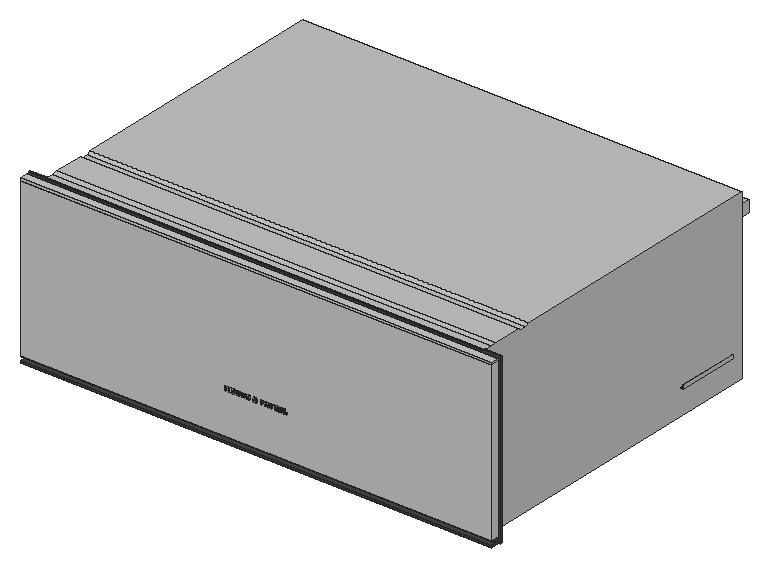
Revit family "FP_Revit_18_VB30SDEX1_Vacuum_Drawer_9000xxxxA", category Specialty Equipment, Revit 2018
Family settings
  Round Connector Dimension = Use Diameter
  Part Type = Normal
  OmniClass Number = 23.40.40.14.17.31
  OmniClass Title = Small Specialized Cooking Equipment
  Work Plane-Based = No
  Always vertical = Yes
  Cut with Voids When Loaded = Yes
  Shared = No
  Room Calculation Point = No
Parameters (values of type "VB30SDEX1")
  Visibility - Clearance Required = yes
  URL = "www.fisherpaykel.com"
  Product - Width = 761 mm  # constant formula
  Product - Height = 271 mm  # constant formula
  Product - Depth = 572 mm  # constant formula
  Model = "VB30SDEX1"
  Material - Trim = Fisher & Paykel - Black
  Material - Structure = Fisher & Paykel - Black
  Material - Front = Fisher & Paykel - Stainless Steel
  Material - Body = Fisher & Paykel - Grey
  Manufacturer = "Fisher & Paykel Appliances"
  FFL Offset [instance] = 587 mm
  Description = "30\" Vacuum Drawer"
  Connector Description - Electrical = "110 V, 60Hz, 10 A"
  Chassis - Width = 720 mm  # constant formula
  Chassis - Height = 271 mm  # constant formula
  Chassis - Depth = 552 mm  # constant formula
  Cavity - Width = 724 mm  # constant formula
  Cavity - Height = 273 mm  # constant formula
  Cavity - Depth = 560 mm  # constant formula
Reference planes
  plane 1 "Datum (Front/Back)": y = 0
  plane 2: z = 0
  plane 3 "Center (Left/Right)": x = 0
  plane 4 "Product Height": z = 858
  plane 5 "Product LHS": x = -380.5
  plane 6 "Product RHS": x = 380.5
  plane 7 "Cavity LHS": x = -382
  plane 8 "Cavity RHS": x = 382
  plane 9 "Cavity - Depth": y = 560
  plane 10 "Product Depth": y = 552
  plane 11 "Door - Front": y = -20
  plane 12 "Cavity - Height": z = 860
  plane 13 "FFL Offset": z = 587
Forms (mm)
  Extrusion 1, solid, material "Fisher & Paykel - Grey" <- "Material - Body"
    sketch origin (0, 0, 0) x (0, 1, 0) y (0, 0, 1)
      loop
        line (0, 587) -> (518, 587) -> (518, 858) -> (87.767, 858) -> (83, 854) -> (73, 854) -> (68.233, 858) -> (21, 858) -> (12.8, 856.5) -> (0, 856.5) -> (0, 587)
    from -354 to 354
  Extrusion 2, solid, material "Fisher & Paykel - Grey" <- "Material - Body", detail levels medium+fine
    sketch origin (0, 0, 0) x (0, 1, 0) y (0, 0, 1)
      loop
        line (518, 826) -> (518, 807) -> (552, 807) -> (552, 826) -> (518, 826)
    from 310.5 to 337.5
  Extrusion 3, solid, material "Fisher & Paykel - Grey" <- "Material - Body", detail levels medium+fine
    sketch origin (0, 0, 0) x (0, 1, 0) y (0, 0, 1)
      loop
        circle (541.5, 816.5) r 8.163
    from 277.5 to 310.5
  Extrusion 4, solid, material "Fisher & Paykel - Black" <- "Material - Structure"
    sketch origin (0, 0, 0) x (0, 1, 0) y (0, 0, 1)
      loop
        line (-2, 595.6) -> (-2, 846.7) -> (-6.6, 846.7) -> (-6.6, 595.6) -> (-2, 595.6)
    from -342 to 342
  Extrusion 5, solid, material "Fisher & Paykel - Stainless Steel" <- "Material - Front"
    sketch origin (0, 0, 0) x (0, 1, 0) y (0, 0, 1)
      loop
        line (-6.6, 853) -> (-20, 853) -> (-20, 598.6) -> (-6.6, 598.6) -> (-6.6, 853)
    from -380.5 to 380.5
  Extrusion 6, solid, material "Fisher & Paykel - Black" <- "Material - Trim", detail levels medium+fine
    sketch origin (0, 0, 0) x (0, 1, 0) y (0, 0, 1)
      loop
        line (-11.142, 595.6) -> (-11.142, 592) -> (-20, 592) -> (-20, 589) -> (-6.6, 589) -> (-6.6, 598.6) -> (-18.633, 598.6) -> (-16.108, 595.6) -> (-11.142, 595.6)
    from -380.5 to 380.5
  Extrusion 7, solid, material "Fisher & Paykel - Stainless Steel" <- "Material - Front", detail levels fine
    sketch origin (0, 0, 0) x (0, 1, 0) y (0, 0, 1)
      loop
        line (-6.6, 856) -> (-20, 856) -> (-20, 853) -> (-6.6, 853) -> (-6.6, 856)
    from -380.5 to 380.5
  Extrusion 8, solid, material "Fisher & Paykel - Clearance Required", visible <- "Visibility - Clearance Required", detail levels coarse
    sketch origin (0, 0, 0) x (0, 1, 0) y (0, 0, 1)
      loop
        line (0, 860) -> (0, 587) -> (560, 587) -> (560, 860) -> (0, 860)
    from -362 to 362
  Extrusion 9, solid, material "Fisher & Paykel - Grey" <- "Material - Body", detail levels medium+fine
    sketch origin (0, 0, 0) x (1, 0, 0) y (0, 0, 1)
      loop
        circle (-121.5, 791) r 21.977
    from -537 to -518
  Extrusion 10, solid, material "Fisher & Paykel - Grey" <- "Material - Body", detail levels medium+fine
    sketch origin (0, 0, 1000) x (1, 0, 0) y (0, 0, 1)
      loop
        line (360, -364.5) -> (359, -364.5) -> (359, -369.5) -> (354, -369.5) -> (354, -370.5) -> (360, -370.5) -> (360, -364.5)
      loop
        line (-360, -364.5) -> (-360, -370.5) -> (-354, -370.5) -> (-354, -369.5) -> (-359, -369.5) -> (-359, -364.5) -> (-360, -364.5)
    from -493 to -393
  Extrusion 11, solid, material "Fisher & Paykel - Black" <- "Material - Structure"
    sketch origin (0, 0, 0) x (1, 0, 0) y (0, 0, 1)
      loop
        line (-380.5, 858) -> (-380.5, 587) -> (380.5, 587) -> (380.5, 858) -> (354, 858) -> (354, 856.5) -> (-354, 856.5) -> (-354, 858) -> (-380.5, 858)
    from 0 to 2
  Extrusion 12, solid, material "Fisher & Paykel - Clearance Required", visible <- "Visibility - Clearance Required", detail levels coarse
    sketch origin (0, 0, 0) x (0, 1, 0) y (0, 0, 1)
      loop
        line (0, 587) -> (0, 860) -> (-439, 860) -> (-439, 587) -> (0, 587)
    from -382 to 382
  Extrusion 13, void
    sketch origin (0, 0, 0) x (0, 1, 0) y (0, 0, 1)
      loop
        line (0, 860) -> (0, 587) -> (560, 587) -> (560, 860) -> (0, 860)
    from -362 to 362
  Extrusion 14, void
    sketch origin (0, 0, 0) x (0, 1, 0) y (0, 0, 1)
      loop
        line (0, 587) -> (0, 860) -> (-20, 860) -> (-20, 587) -> (0, 587)
    from -382 to 382
Text (mm)
  text "Due to ongoing product development, product details are subject to change without notice. \nPlease always refer to www.fisherpaykel.com for the most current product information. \n© Fisher & Paykel 2020" at (41.04, -568.295, 0), in view "Ref. Level (Plan)"
Dimensions and locks
  equal spacing: plane 5 "Product LHS", plane 3 "Center (Left/Right)", plane 6 "Product RHS"
  equal spacing: plane 7 "Cavity LHS", plane 3 "Center (Left/Right)", plane 8 "Cavity RHS"
  equal spacing: Extrusion 1, plane 3 "Center (Left/Right)", Extrusion 1
  "Product - Width": plane 5 "Product LHS" to plane 6 "Product RHS"
  "Chassis - Depth": plane 1 "Datum (Front/Back)" to plane 10 "Product Depth"
  "Product - Depth": plane 10 "Product Depth" to plane 11 "Door - Front"
  locked: plane 11 "Door - Front" to plane 1 "Datum (Front/Back)" at 20
  "Cavity - Depth": plane 9 "Cavity - Depth" to plane 1 "Datum (Front/Back)"
  "Chassis - Width": Extrusion 10 to Extrusion 10
  "FFL Offset": level to plane 13 "FFL Offset"
  locked: plane 13 "FFL Offset" to Extrusion 6 sketch curve at 11.6
  locked: plane 13 "FFL Offset" to Extrusion 6 sketch curve at 2
  locked: Extrusion 10 to plane 13 "FFL Offset" at 42.5  (x2)
  "Product - Height": plane 13 "FFL Offset" to plane 4 "Product Height"
  "Cavity - Height": plane 13 "FFL Offset" to plane 12 "Cavity - Height"
  locked: plane 13 "FFL Offset" to Extrusion 4 at 8.6
  locked: plane 13 "FFL Offset" to nested 1 at 78.956
  equal spacing: Extrusion 8, plane 3 "Center (Left/Right)", Extrusion 8
  locked: Extrusion 12 to plane 11 "Door - Front" at 419
  plane 11 "Door - Front" to plane 1 "Datum (Front/Back)" = 20 mm
  locked: Extrusion 1 to Extrusion 1 at 708
  "Cavity - Width": Extrusion 8 to Extrusion 8
  locked: Extrusion 12 to Extrusion 12 at 764
  aligned and locked: level to plane 2
  aligned and locked: Extrusion 8 sketch curve to plane 9 "Cavity - Depth"
  aligned and locked: Extrusion 2 to Extrusion 1
  aligned and locked: Extrusion 11 to plane 1 "Datum (Front/Back)"
  aligned and locked: Extrusion 10 to Extrusion 1  (x2)
  aligned and locked: plane 13 "FFL Offset" to Extrusion 11
  aligned and locked: plane 13 "FFL Offset" to Extrusion 1 sketch curve
  aligned and locked: Extrusion 8 sketch curve to plane 13 "FFL Offset"
  aligned and locked: plane 5 "Product LHS" to Extrusion 7
  aligned and locked: plane 5 "Product LHS" to Extrusion 5
  aligned and locked: plane 5 "Product LHS" to Extrusion 6
  aligned and locked: Extrusion 7 to plane 6 "Product RHS"
  aligned and locked: Extrusion 5 to plane 6 "Product RHS"
  aligned and locked: Extrusion 6 to plane 6 "Product RHS"
  aligned and locked: Extrusion 12 sketch curve to plane 12 "Cavity - Height"
  aligned and locked: Extrusion 12 sketch curve to plane 13 "FFL Offset"
  aligned and locked: plane 7 "Cavity LHS" to Extrusion 12
  aligned and locked: Extrusion 12 to plane 8 "Cavity RHS"
  aligned and locked: Extrusion 14 to plane 12 "Cavity - Height"
  aligned and locked: Extrusion 13 to plane 12 "Cavity - Height"
  aligned and locked: plane 13 "FFL Offset" to Extrusion 14
  aligned and locked: plane 13 "FFL Offset" to Extrusion 13
  aligned and locked: Extrusion 13 to Extrusion 8  (x2)
  aligned and locked: Extrusion 14 to plane 8 "Cavity RHS"
  aligned and locked: plane 7 "Cavity LHS" to Extrusion 14
Automatic sketch dimensions
  Extrusion 1 sketch curve to plane 1 "Datum (Front/Back)" = 0 mm
  Extrusion 1 sketch curve to plane 4 "Product Height" = 0 mm  (x2)
  Extrusion 1 sketch curve to plane 4 "Product Height" = 1.5 mm
  Extrusion 1 sketch curve to Extrusion 1 sketch curve = 12.8 mm
  Extrusion 1 sketch curve to Extrusion 1 sketch curve = 8.2 mm
  Extrusion 1 sketch curve to Extrusion 1 sketch curve = 47.233 mm
  Extrusion 1 sketch curve to plane 4 "Product Height" = 4 mm
  Extrusion 1 sketch curve to Extrusion 1 sketch curve = 4.767 mm  (x2)
  Extrusion 1 sketch curve to Extrusion 1 sketch curve = 10 mm
  Extrusion 1 sketch curve to plane 10 "Product Depth" = 34 mm
  Extrusion 2 sketch curve to plane 10 "Product Depth" = 0 mm
  Extrusion 2 sketch curve to Extrusion 2 sketch curve = 34 mm
  Extrusion 2 sketch curve to plane 4 "Product Height" = 51 mm
  Extrusion 2 sketch curve to Extrusion 2 sketch curve = 19 mm
  Extrusion 3 sketch curve to plane 10 "Product Depth" = 10.5 mm
  Extrusion 3 sketch curve to plane 4 "Product Height" = 41.5 mm
  plane 1 "Datum (Front/Back)" to Extrusion 4 sketch curve = 6.6 mm
  plane 1 "Datum (Front/Back)" to Extrusion 4 sketch curve = 2 mm
  Extrusion 4 sketch curve to plane 13 "FFL Offset" = 8.6 mm
  Extrusion 4 sketch curve to plane 4 "Product Height" = 11.3 mm
  plane 11 "Door - Front" to Extrusion 5 sketch curve = 0 mm
  plane 1 "Datum (Front/Back)" to Extrusion 5 sketch curve = 6.6 mm
  Extrusion 5 sketch curve to plane 13 "FFL Offset" = 11.6 mm
  Extrusion 5 sketch curve to plane 4 "Product Height" = 5 mm
  Extrusion 6 sketch curve to plane 11 "Door - Front" = 0 mm
  plane 11 "Door - Front" to Extrusion 6 sketch curve = 1.367 mm
  plane 11 "Door - Front" to Extrusion 6 sketch curve = 3.892 mm
  Extrusion 6 sketch curve to Extrusion 6 sketch curve = 4.966 mm
  Extrusion 6 sketch curve to Extrusion 6 sketch curve = 4.542 mm
  Extrusion 6 sketch curve to plane 13 "FFL Offset" = 5 mm
  Extrusion 6 sketch curve to Extrusion 6 sketch curve = 3 mm
  Extrusion 7 sketch curve to plane 11 "Door - Front" = 0 mm
  plane 1 "Datum (Front/Back)" to Extrusion 7 sketch curve = 6.6 mm
  Extrusion 7 sketch curve to plane 4 "Product Height" = 5 mm
  Extrusion 7 sketch curve to plane 4 "Product Height" = 2 mm
  Extrusion 8 sketch curve to plane 1 "Datum (Front/Back)" = 0 mm
  plane 12 "Cavity - Height" to Extrusion 8 sketch curve = 0 mm
  Extrusion 9 sketch curve to plane 3 "Center (Left/Right)" = 121.5 mm
  Extrusion 9 sketch curve to plane 4 "Product Height" = 67 mm
  Extrusion 10 sketch curve to plane 5 "Product LHS" = 20.5 mm
  Extrusion 10 sketch curve to Extrusion 10 sketch curve = 1 mm  (x4)
  Extrusion 10 sketch curve to Extrusion 10 sketch curve = 5 mm  (x4)
  plane 6 "Product RHS" to Extrusion 10 sketch curve = 26.5 mm
  Extrusion 10 sketch curve to plane 13 "FFL Offset" = 42.5 mm  (x2)
  Extrusion 11 sketch curve to plane 4 "Product Height" = 0 mm  (x2)
  plane 5 "Product LHS" to Extrusion 11 sketch curve = 0 mm
  plane 6 "Product RHS" to Extrusion 11 sketch curve = 0 mm
  Extrusion 11 sketch curve to plane 13 "FFL Offset" = 0 mm
  Extrusion 11 sketch curve to plane 5 "Product LHS" = 26.5 mm
  Extrusion 11 sketch curve to plane 4 "Product Height" = 1.5 mm
  plane 6 "Product RHS" to Extrusion 11 sketch curve = 26.5 mm
  Extrusion 13 sketch curve to plane 1 "Datum (Front/Back)" = 0 mm
  Extrusion 13 sketch curve to plane 9 "Cavity - Depth" = 0 mm
  plane 13 "FFL Offset" to Extrusion 13 sketch curve = 0 mm
  Extrusion 13 sketch curve to plane 12 "Cavity - Height" = 0 mm
  Extrusion 14 sketch curve to plane 11 "Door - Front" = 0 mm
  Extrusion 14 sketch curve to plane 1 "Datum (Front/Back)" = 0 mm
  plane 13 "FFL Offset" to Extrusion 14 sketch curve = 0 mm
  Extrusion 14 sketch curve to plane 12 "Cavity - Height" = 0 mm
  Extrusion 12 sketch curve to plane 1 "Datum (Front/Back)" = 0 mm
  Extrusion 12 sketch curve to plane 11 "Door - Front" = 419 mm
  radius of Extrusion 3 sketch curve = 8.163 mm
  radius of Extrusion 9 sketch curve = 21.977 mm
Nested families
  nested 1: "F&P Logo 100mm" at (0, -20, 665.956), type "Grey"
Connectors
  electrical at (277.5, 541.5, 816.5), driven by "Connector Description - Electrical"
    settings: on Extrusion 3, index 1, voltage 110 V, apparent load 0 VA, apparent load phase1 0 VA, apparent load phase2 0 VA, apparent load phase3 0 VA, power factor 1, load classification "Other", number of poles 1, system type 30, power factor state 1, is connector primary yes, connector utility no, sub classification motor no, connector description "110 V, 60Hz, 10 A"
Definition of nested family "F&P Logo 100mm"
  Parameters (values of type "Grey")
    URL = "www.fisherpaykel.com"
    Material - Logo = none
    Manufacturer = "Fisher & Paykel Appliances"
  Types (2): name
    Chrome
    Grey
  Reference planes
    plane 1 "Center (Front/Back)": y = 0
    plane 2: z = 0
    plane 3 "Center (Left/Right)": x = 0
  Forms (mm)
    Extrusion 1, solid, material <- "Material - Logo", detail levels fine
      sketch origin (0, 0, 0) x (1, 0, 0) y (0, 0, 1)
        loop
          line (-50.044, 0) -> (-48.47, 0) -> (-48.47, 2.138) -> (-46.011, 2.138) -> (-46.011, 3.472) -> (-48.47, 3.472) -> (-48.47, 4.712) -> (-45.795, 4.712) -> (-45.795, 6.04) -> (-50.044, 6.04) -> (-50.044, 0)
        loop
          line (-42.804, 6.04) -> (-42.804, 0) -> (-41.23, 0) -> (-41.23, 6.04) -> (-42.804, 6.04)
        loop
          line (-30.724, 6.04) -> (-30.724, 0) -> (-29.151, 0) -> (-29.151, 2.42) -> (-26.839, 2.42) -> (-26.839, 0) -> (-25.265, 0) -> (-25.265, 6.04) -> (-26.839, 6.04) -> (-26.839, 3.748) -> (-29.151, 3.748) -> (-29.151, 6.04) -> (-30.724, 6.04)
        loop
          line (-21.906, 6.04) -> (-21.906, 0) -> (-17.602, 0) -> (-17.602, 1.328) -> (-20.347, 1.328) -> (-20.347, 2.42) -> (-17.838, 2.42) -> (-17.838, 3.748) -> (-20.347, 3.748) -> (-20.347, 4.712) -> (-17.602, 4.712) -> (-17.602, 6.04) -> (-21.906, 6.04)
        loop
          line (45.667, 6.04) -> (45.667, 0) -> (49.956, 0) -> (49.956, 1.328) -> (47.241, 1.328) -> (47.241, 6.04) -> (45.667, 6.04)
        loop
          line (42.431, 6.04) -> (38.112, 6.04) -> (38.112, 0) -> (42.431, 0) -> (42.431, 1.328) -> (39.687, 1.328) -> (39.687, 2.42) -> (42.195, 2.42) -> (42.195, 3.748) -> (39.687, 3.748) -> (39.687, 4.712) -> (42.431, 4.712) -> (42.431, 6.04)
        loop
          line (33.451, 3.148) -> (35.683, 6.04) -> (33.844, 6.04) -> (31.915, 3.542) -> (31.915, 6.04) -> (30.342, 6.04) -> (30.342, 0) -> (31.915, 0) -> (31.915, 2.705) -> (33.903, 0) -> (35.763, 0) -> (33.451, 3.148)
        loop
          line (21.98, 6.04) -> (24.262, 2.42) -> (24.262, 0) -> (25.837, 0) -> (25.837, 2.341) -> (28.119, 6.04) -> (26.446, 6.04) -> (25.099, 3.707) -> (23.753, 6.04) -> (21.98, 6.04)
        loop
          line (18.479, 6.04) -> (16.983, 6.04) -> (14.524, 0) -> (16.069, 0) -> (16.501, 1.112) -> (18.921, 1.112) -> (19.354, 0) -> (20.938, 0) -> (18.479, 6.04)
        loop
          line (18.4, 2.439) -> (17.693, 4.174) -> (17.018, 2.439) -> (18.4, 2.439)
        loop
          line (8.031, 6.04) -> (8.031, 0) -> (9.605, 0) -> (9.605, 1.938) -> (10.599, 1.938)
          arc (10.599, 1.938) -> (12.65, 3.989) -> (10.599, 6.04) r 2.051
          line (10.599, 6.04) -> (8.031, 6.04)
        loop
          line (9.605, 4.712) -> (9.605, 3.197) -> (10.501, 3.197)
          arc (10.501, 3.197) -> (11.259, 3.954) -> (10.501, 4.712) r 0.757
          line (10.501, 4.712) -> (9.605, 4.712)
        loop
          line (-11.783, 6.04) -> (-14.366, 6.04) -> (-14.366, 0) -> (-12.792, 0) -> (-12.792, 1.336) -> (-11.992, 1.336) -> (-10.972, 0) -> (-9.153, 0) -> (-10.694, 1.973)
          arc (-10.694, 1.973) -> (-9.678, 4.424) -> (-11.783, 6.04) r 2.179
        loop
          line (-11.897, 4.712) -> (-12.792, 4.712) -> (-12.792, 3.053) -> (-11.897, 3.053)
          arc (-11.897, 3.053) -> (-11.068, 3.882) -> (-11.897, 4.712) r 0.83
        loop
          line (0.477, 4.712) -> (0.477, 6.153) -> (-3.575, 6.153) -> (-3.575, 4.851) -> (-2.974, 4.112)
          arc (-2.974, 4.112) -> (-3.51, 0.684) -> (-0.045, 0.512) r 2.334
          line (-0.045, 0.512) -> (0.46, -0.109) -> (2.246, -0.109) -> (0.86, 1.594) -> (2.061, 3.324) -> (0.443, 3.324) -> (-0.013, 2.667) -> (-1.677, 4.712) -> (0.477, 4.712)
        loop
          arc (-2.125, 3.068) -> (-2.269, 1.668) -> (-0.868, 1.524) r 0.996
          line (-0.868, 1.524) -> (-2.125, 3.068)
        loop
          line (-35.18, 3.634) -> (-36.516, 3.91)
          arc (-36.516, 3.91) -> (-37.049, 4.443) -> (-36.516, 4.976) r 0.533
          arc (-36.516, 4.976) -> (-35.235, 4.79) -> (-34.059, 4.248) r 4.505
          line (-34.059, 4.248) -> (-34.059, 5.743)
          arc (-34.059, 5.743) -> (-35.549, 6.179) -> (-37.1, 6.109) r 4.726
          arc (-37.1, 6.109) -> (-38.536, 4.335) -> (-37.1, 2.561) r 1.814
          line (-37.1, 2.561) -> (-35.754, 2.282)
          arc (-35.754, 2.282) -> (-35.221, 1.749) -> (-35.754, 1.216) r 0.533
          arc (-35.754, 1.216) -> (-37.035, 1.402) -> (-38.211, 1.945) r 4.505
          line (-38.211, 1.945) -> (-38.211, 0.449)
          arc (-38.211, 0.449) -> (-36.72, 0.013) -> (-35.169, 0.083) r 4.726
          arc (-35.169, 0.083) -> (-33.734, 1.863) -> (-35.18, 3.634) r 1.814
      from 0 to 0.8
  Dimensions and locks
    aligned and locked: level to plane 2
